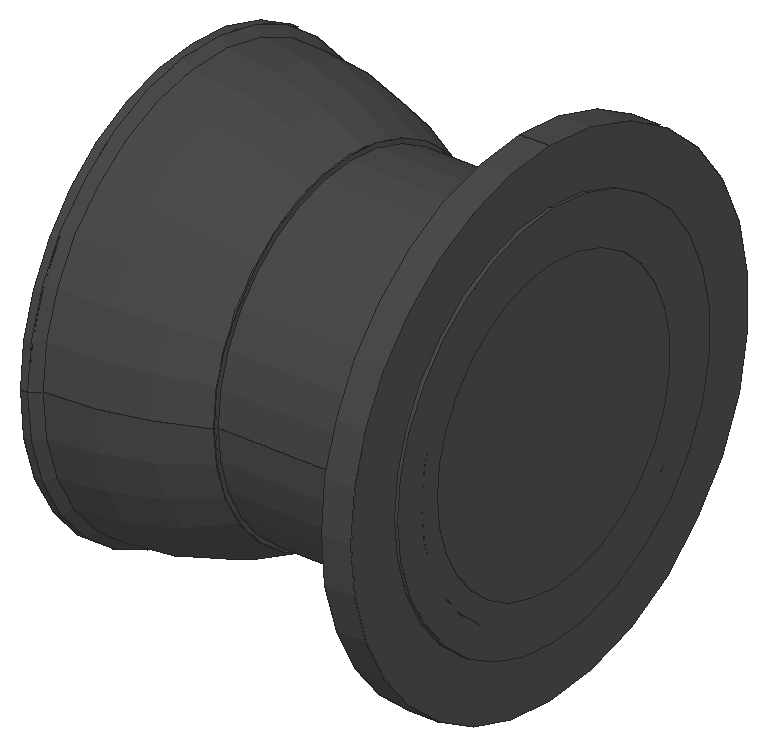
Revit family "Duc_FLB_Extremidade", category Pipe Fittings, Revit 2025
Family settings
  Round Connector Dimension = Use Diameter
  Part Type = Union
  Work Plane-Based = Yes
  Always vertical = No
  Cut with Voids When Loaded = No
  Shared = Yes
Parameters
  Tabela [instance] = "Duc_FLB_Extremidades"
  PN [instance] = "10"
  Nominal Diameter [instance] = 200.0 mm
  Material_Conexao = FoFo
  Manufacturer = "SGC"
  Loss Method = Not Defined
  K Coefficient Table = "Converging/Diverging Tee/Wye"
  EK7 [instance] = size_lookup(Tabela, "EK7", 5.2 mm, Nominal Diameter, PN)  # 5.4 mm
  Description = "Extremidade com bolsa e flange"
  Default Elevation = 0.0 mm
  Corpo_L [instance] = size_lookup(Tabela, "Corpo_L", 130.0 mm, Nominal Diameter, PN)  # 140.0 mm
  Corpo_DE [instance] = size_lookup(Tabela, "Bolsa_DE", 98.0 mm, Nominal Diameter, PN) + EK7  # 227.4 mm
Reference planes
  plane 1 "EixoP": y = 0
  plane 2: z = 0
  plane 3 "EixoS": x = 468.25
  plane 4 "EE": x = 403.25
  plane 5 "ED": x = 543.25
Forms (mm)
  Sweep 1, solid, material "FoFo" <- "Material_Conexao"
    path origin (560, 0, 0) x (1, 0, 0) y (0, 1, 0)
      loop
        line (-156.75, 0) -> (-16.75, 0)
    profile origin (473.25, 0, 0) x (0, 1, 0) y (0, 0, 1)
      loop
        circle (0, 0) r 113.7
Dimensions and locks
  "Corpo_L": plane 4 "EE" to plane 5 "ED"
  "Corpo_DE": diameter of Sweep 1 sketch curve
  aligned and locked: plane 1 "EixoP" to Sweep 1 sketch curve
  aligned and locked: plane 5 "ED" to Sweep 1 sketch curve
  aligned and locked: nested 1 to plane 1 "EixoP"
  aligned and locked: plane 2 to nested 1
  aligned and locked: plane 5 "ED" to nested 1
  aligned and locked: plane 4 "EE" to nested 2
Automatic sketch dimensions
  Sweep 1 sketch curve to plane 4 "EE" = 0.0 mm
  Sweep 1 sketch curve to level = 0.0 mm
  Sweep 1 sketch curve to profile plane = 0.0 mm
Nested families
  nested 1: "Duc_FLA_Flanges" at (543.25, 0, 0) x (0, 0, 1) z (1, 0, 0), Nominal Diameter <- "Nominal Diameter", type "Duc_FLA_Flanges"
    with Tabela "Duc_FLA_Flanges", PN "10", Nominal Diameter 200.0 mm, Flange_Ressalto 3.0 mm, Flange_RF 147.5 mm, Flange_QF "8", Flange_MA 22.50°, Flange_DG 266.0 mm, Flange_DFuro 23.0 mm, Flange_DF 295.0 mm, Flange_D 340.0 mm, Flange_AnguloFuros 45.00°, Flange_Altura 20.0 mm
  nested 2: "Duc_JGS_Bolsas" at (3021.5, 0, 0) x (-1, 0, 0) z (0, 0, 1), Nominal Diameter <- "Nominal Diameter", type "Duc_JGS_Bolsas"
    with Tabela "Duc_JGS_Bolsas", Nominal Radius 100.0 mm, Nominal Diameter 200.0 mm, EK7 5.4 mm, Borde2 10.8 mm, Borde1 5.4 mm, Bolsa_P 106.5 mm, Bolsa_DI 112.5 mm, Bolsa_DE1 116.4 mm, Bolsa_DE 111.0 mm, Bolsa_B 148.0 mm
Connectors
  piping at (403.25, 0, 0), diameter 200, driven by "Nominal Diameter"
    settings: on Sweep 1, index 1, connector inside diameter 609.6 mm, connector length 0.0 mm, flow factor 0, pipe flow 0 L/h, pressure drop 0 Pa, fitting loss kfactor 0, connector angle 0.00°, fixture units 0, engagement length 0.0 mm, angle of deflection 0.00°, flow configuration 0, flow direction 0, fitting loss method 0, system type 28, joint type 0, gender type 0, connector reference index -1, connector utility 0, adjustable connector no, is connector primary yes, connector description ""
  piping at (543.25, 0, 0), diameter 200, driven by "Nominal Diameter"
    settings: on Sweep 1, index 2, connector inside diameter 609.6 mm, connector length 0.0 mm, flow factor 0, pipe flow 0 L/h, pressure drop 0 Pa, fitting loss kfactor 0, connector angle 0.00°, fixture units 0, engagement length 0.0 mm, angle of deflection 0.00°, flow configuration 0, flow direction 0, fitting loss method 0, system type 28, joint type 0, gender type 0, connector reference index -1, connector utility 0, adjustable connector no, is connector primary no, connector description ""
Definition of nested family "Duc_FLA_Flanges"
  Parameters (values of type "Duc_FLA_Flanges")
    Tabela [instance] = "Duc_FLA_Flanges"
    PN [instance] = "10"
    Nominal Diameter [instance] = 100.0 mm
    Material_Conexao = none
    Manufacturer = "SGC"
    Flange_Ressalto [instance] = size_lookup(Tabela, "FRessalto", 3.0 mm, Nominal Diameter, PN)  # 3.0 mm
    Flange_RF [instance] = Flange_DF / 2  # 90.0 mm
    Flange_QF [instance] = size_lookup(Tabela, "QF", "4", Nominal Diameter, PN)  # "8"
    Flange_MA [instance] = size_lookup(Tabela, "MA", 45.00°, Nominal Diameter, PN)  # 22.50°
    Flange_DG [instance] = size_lookup(Tabela, "FG", 99.0 mm, Nominal Diameter, PN)  # 156.0 mm
    Flange_DF [instance] = size_lookup(Tabela, "FC", 125.0 mm, Nominal Diameter, PN)  # 180.0 mm
    Flange_D [instance] = size_lookup(Tabela, "FD", 165.0 mm, Nominal Diameter, PN)  # 220.0 mm
    Flange_AnguloFuros [instance] = size_lookup(Tabela, "AF", 90.00°, Nominal Diameter, PN)  # 45.00°
    Flange_Altura [instance] = size_lookup(Tabela, "FAltura", 19.0 mm, Nominal Diameter, PN)  # 19.0 mm
    Description = "Flange"
    Default Elevation = 0.0 mm
    Flange_DFuro [instance] = size_lookup(Tabela, "DFuro", 19.0 mm, Nominal Diameter, PN)  # 19.0 mm
  Reference planes
    plane 1 "Centro (Frente/Trás)": y = 0
    plane 2: z = 0
    plane 3 "Centro (Esquerda/Direita)": x = 0
    plane 4: z = -3
    plane 5: z = -22
  Forms (mm)
    Extrusion 1, solid, material <- "Material_Conexao"
      sketch origin (0, 0, 0) x (1, 0, 0) y (0, 1, 0)
        loop
          circle (0, 0) r 110
      from -22 to -3
    Extrusion 2, solid, material <- "Material_Conexao"
      sketch origin (0, 0, 0) x (1, 0, 0) y (0, 1, 0)
        loop
          circle (0, 0) r 78
      from 0 to -3
    Extrusion 3, void
      sketch origin (0, 0, 0) x (1, 0, 0) y (0, 1, 0)
        loop
          circle (0, 0) r 50
      from -22 to 0
  Cuts and joins
    Extrusion 3 cuts Extrusion 1
    Extrusion 3 cuts Extrusion 2
    joined: Extrusion 1, Extrusion 2
  Lines and regions (mm)
    model lines
      curve 1: line (-40, 0, 0) -> (40, 0, 0)
      curve 2: line (0, 40, 0) -> (0, -40, 0)
    reference lines
      curve 3: line (0, 0, 0) -> (83.149, 34.442, 0)
  Dimensions and locks
    "Flange_Ressalto": plane 2 to plane 4
    "Flange_Altura": plane 4 to plane 5
    "Flange_RF": curve 3 to curve 3
    "Flange_D": diameter of Extrusion 1 sketch curve
    "Flange_DG": diameter of Extrusion 2 sketch curve
    "Nominal Diameter": diameter of Extrusion 3 sketch curve
    "Flange_MA": angle plane 1 "Centro (Frente/Trás)" to curve 3
    aligned and locked: plane 2 to level
    aligned and locked: Extrusion 1 to plane 5
    aligned and locked: cut or joined group of Extrusion 1, Extrusion 2, Extrusion 3 to plane 4
    aligned and locked: plane 4 to cut or joined group of Extrusion 1, Extrusion 2, Extrusion 3
    aligned and locked: cut or joined group of Extrusion 1, Extrusion 2, Extrusion 3 to Extrusion 3
    aligned and locked: level to Extrusion 3
    aligned and locked: Extrusion 2 to Extrusion 1
    aligned and locked: level to Extrusion 2
    aligned and locked: plane 3 "Centro (Esquerda/Direita)" to curve 3
    aligned and locked: plane 1 "Centro (Frente/Trás)" to curve 3
  Automatic sketch dimensions
    plane 1 "Centro (Frente/Trás)" to curve 1 = 0.0 mm
    curve 1 to plane 3 "Centro (Esquerda/Direita)" = 40.0 mm
    plane 3 "Centro (Esquerda/Direita)" to curve 1 = 40.0 mm
    plane 1 "Centro (Frente/Trás)" to curve 2 = 40.0 mm
    curve 2 to plane 1 "Centro (Frente/Trás)" = 40.0 mm
    curve 2 to plane 3 "Centro (Esquerda/Direita)" = 0.0 mm
    plane 1 "Centro (Frente/Trás)" to Extrusion 1 sketch curve = 0.0 mm
    Extrusion 1 sketch curve to plane 3 "Centro (Esquerda/Direita)" = 0.0 mm
    plane 1 "Centro (Frente/Trás)" to Extrusion 2 sketch curve = 0.0 mm
    Extrusion 2 sketch curve to plane 3 "Centro (Esquerda/Direita)" = 0.0 mm
    plane 1 "Centro (Frente/Trás)" to Extrusion 3 sketch curve = 0.0 mm
    Extrusion 3 sketch curve to plane 3 "Centro (Esquerda/Direita)" = 0.0 mm
Definition of nested family "Duc_JGS_Bolsas"
  Parameters (values of type "Duc_JGS_Bolsas")
    Tabela [instance] = "Duc_JGS_Bolsas"
    Nominal Radius [instance] = Nominal Diameter / 2  # 40.0 mm
    Nominal Diameter [instance] = 80.0 mm
    Manufacturer = "SGC"
    Loss Method = 1
    K Coefficient Table = "Tee"
    EK7 [instance] = size_lookup(Tabela, "EK7", 5.2 mm, Nominal Diameter)  # 5.2 mm
    Description = "Bolsas JGS - JTI - JTE"
    Material_Conexao = none
    Default Elevation = 0.0 mm
    Borde2 [instance] = EK7 * 2  # 10.4 mm
    Borde1 [instance] = EK7  # 5.2 mm
    Bolsa_DE1 [instance] = Bolsa_DE + EK7  # 54.2 mm
    Bolsa_P [instance] = size_lookup(Tabela, "Bolsa_P", 94.5 mm, Nominal Diameter)  # 92.5 mm
    Bolsa_DI [instance] = size_lookup(Tabela, "Bolsa_DI", 60.5 mm, Nominal Diameter) / 2  # 50.5 mm
    Bolsa_DE [instance] = size_lookup(Tabela, "Bolsa_DE", 59.0 mm, Nominal Diameter) / 2  # 49.0 mm
    Bolsa_B [instance] = size_lookup(Tabela, "Bolsa_B", 118.0 mm, Nominal Diameter) / 2  # 84.0 mm
  Reference planes
    plane 1 "Center (Front/Back)": y = 0
    plane 2: z = 0
    plane 3 "Center (Left/Right)": x = 2618.25
    plane 4: x = 2710.75
    plane 5: y = 84
    plane 6: y = 50.5
    plane 7: y = 49
    plane 8: y = 54.2
  Forms (mm)
    Revolve 1, solid, material <- "Material_Conexao"
      sketch origin (0, 0, 0) x (1, 0, 0) y (0, 1, 0)
        loop
          line (2618.25, 50.5) -> (2705.55, 50.5) -> (2710.75, 55.7) -> (2710.75, 84) -> (2705.55, 84) -> (2700.35, 78.8)
          arc (2700.35, 78.8) -> (2657.555, 72.323) -> (2618.25, 54.2) r 154.08
          line (2618.25, 54.2) -> (2617.25, 54.2) -> (2617.25, 49) -> (2618.25, 49) -> (2618.25, 50.5)
        axis (2617.25, 0) -> (2710.75, 0)
      angle from 0 to 360
  Lines and regions (mm)
    model lines
      curve 1: line (2618.25, 0, 200.5) -> (2618.25, 0, -200.5)
      curve 3: line (2618.25, 0, 0) -> (2710.75, 0, 0)
    reference lines
      curve 2: line (2618.25, 0, 0) -> (2710.75, 0, 0)
  Dimensions and locks
    "Borde1": Revolve 1 sketch curve to Revolve 1 sketch curve  (x4)
    "Borde2": Revolve 1 sketch curve to Revolve 1 sketch curve
    "Borde1": Revolve 1 sketch curve to plane 8
    "Bolsa_B": plane 5 to plane 1 "Center (Front/Back)"
    "Bolsa_DI": plane 6 to plane 1 "Center (Front/Back)"
    "Bolsa_DE": plane 7 to plane 1 "Center (Front/Back)"
    "Bolsa_DE1": plane 8 to plane 1 "Center (Front/Back)"
    "Bolsa_P": plane 3 "Center (Left/Right)" to plane 4
    locked: Revolve 1 sketch curve to Revolve 1 sketch curve at 1
    aligned and locked: plane 5 to Revolve 1 sketch curve
    aligned and locked: Revolve 1 sketch curve to plane 6
    aligned and locked: Revolve 1 sketch curve to plane 3 "Center (Left/Right)"
    aligned and locked: plane 1 "Center (Front/Back)" to curve 2
    aligned and locked: curve 2 to plane 3 "Center (Left/Right)"
    aligned and locked: plane 4 to curve 2
    aligned and locked: curve 3 to curve 2
  Automatic sketch dimensions
    curve 1 to plane 1 "Center (Front/Back)" = 0.0 mm
    curve 1 to level = 200.5 mm
    level to curve 1 = 200.5 mm
    curve 3 to plane 3 "Center (Left/Right)" = 0.0 mm
    curve 3 to plane 4 = 0.0 mm
    Revolve 1 sketch curve to plane 1 "Center (Front/Back)" = 0.0 mm
    Revolve 1 sketch curve to plane 3 "Center (Left/Right)" = 0.0 mm  (x2)
    Revolve 1 sketch curve to plane 4 = 0.0 mm
    Revolve 1 sketch curve to plane 8 = 0.0 mm
    Revolve 1 sketch curve to plane 4 = 8.97 mm
    plane 4 to Revolve 1 sketch curve = 1.322 mm
